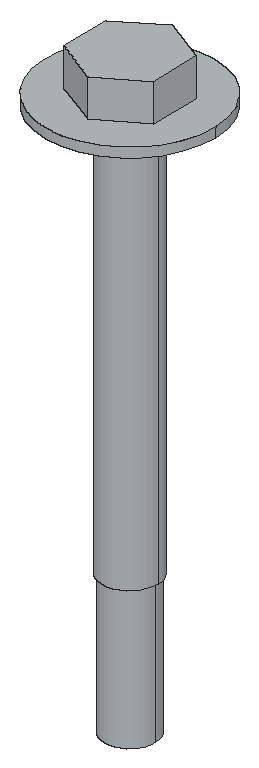
Revit family "Generic ISO Metric Bolt", category Generic Models, Revit 2022
Family settings
  Can host rebar = No
  Round Connector Dimension = Use Diameter
  Part Type = Normal
  Work Plane-Based = Yes
  Always vertical = No
  Cut with Voids When Loaded = No
  Maintain Annotation Orientation = No
  Shared = No
  Room Calculation Point = No
Parameters
  Default Elevation = 1219.2 mm
  URL = "https://www.b-tu.de/en/fg-kommunikationstechnik/team/staff/prof-dr-ing-habil-matthias-wolff"
  Thread Material = GIMBA - Steel galvanized - Thread template
  Shank = yes
  Nominal Diameter = 12 mm
  Material = GIMBA - Steel galvanized
  Length = 120 mm
  Large Washer [instance] = yes
  Manufacturer = "Matthias Wolff"  # constant formula
  Description = "ISO metric bolt with washer and hex cap"  # constant formula
Reference planes
  plane 1 "Mitte (Vorne/hinten)": y = 0
  plane 2: z = 0
  plane 3 "Mitte (Links/rechts)": x = 0
Dimensions and locks
  nested 1 to nested 1 = 120 mm
  nested 1 to nested 1 = 30 mm
  nested 1 to nested 1 = 12 mm
  nested 1 to nested 1 = 19 mm
  aligned and locked: level to plane 2
  aligned and locked: plane 3 "Mitte (Links/rechts)" to nested 1
  aligned and locked: plane 1 "Mitte (Vorne/hinten)" to nested 1
Nested families
  nested 1: "Generic ISO Metric Bolt Assembly Geometry" at (0, 0, 0), type "generic"
Definition of nested family "Generic ISO Metric Bolt Assembly Geometry"
  Parameters (values of type "generic")
    tabD2D = "GIMBA -- D2D"  # constant formula
    pg2l = if(Length < 23 mm, 2, if(Length < 100 mm, 5, 10))  # 10
    cu = round((0.1453 * (D / 1 mm) + 0.3479) * pu) / pu * 1 mm  # 2 mm
    cdu3 = 3 * D + round(0) * 1 mm  # 36 mm
    u = cu  # 2 mm
    cdu2 = round(1.8508 * D / 1 mm + 0.7401) * 1 mm  # 23 mm
    cdu1 = if(D < 11 mm, round(10 * 1.0382 * D / 1 mm + 0.1206) / 10 * 1 mm, D + 1 mm)  # 13 mm
    tabG2L = "GIMBA -- G2L"  # constant formula
    s = size_lookup(tabMGeo, "s", cs, D)  # 19 mm
    ck = round(2 * (0.6216 * D / 1 mm + 0.2961)) / 2 * 1 mm  # 8 mm
    g2l = size_lookup(tabG2L, "l", Length + 2 * u + 2 * k, D, round(Length / 1 mm / pg2l) * pg2l * 1 mm)  # 140 mm
    pu = if(D < 10 mm, 10, if(D < 16 mm, 2, 1))  # 2
    pP = if(D < 6 mm, 10, if(D < 14 mm, 4, 2))  # 4
    cd2 = D - 3 * sqrt(3) / 8 * P  # 10.863 mm
    cb4 = 2 * D + 25 mm + round(0) * 1 mm  # 49 mm
    cb3 = 2 * D + 12 mm + round(0) * 1 mm  # 36 mm
    cb2 = 2 * D + 6 mm + round(0) * 1 mm  # 30 mm
    cb = if(Shank, if(l < 125 mm, cb2, if(l < 200 mm, cb3, cb4)), l - ca)  # 36 mm
    ca = round(2 * (0.7122 * (D / 1 mm) ^ 0.7822)) / 2 * 1 mm  # 5 mm
    Default Elevation = 0 mm
    cP = round(0.2365 * (D / 1 mm) ^ 0.7831 * pP) / pP * 1 mm  # 1.75 mm
    URL = "https://www.b-tu.de/en/fg-kommunikationstechnik/team/staff/prof-dr-ing-habil-matthias-wolff"
    P = size_lookup(tabMGeo, "P", cP, D)  # 1.75 mm
    Large Washers = yes
    Length = 120 mm
    cH = sqrt(3) / 2 * P  # 1.516 mm
    Manufacturer = "Matthias Wolff"  # constant formula
    D = if(Nominal Diameter < 3 mm, 3 mm, if(Nominal Diameter > 64 mm, 64 mm, size_lookup(tabD2D, "D", Nominal Diameter, round(Nominal Diameter / 1 mm) * 1 mm)))  # 12 mm
    ru1 = cdu1 / 2  # 6.5 mm
    R = D / 2 + round(0) * 1 mm  # 6 mm
    tabMGeo = "GIMBA -- MGeo"  # constant formula
    g = Length + round(0) * 1 mm  # 120 mm
    cs = round(1.5095 * D / 1 mm + 0.6456) * 1 mm  # 19 mm
    Grip = yes
    Thread Material = none
    Material = none
    l = if(Grip, g2l, Length)  # 140 mm
    r2 = cd2 / 2  # 5.432 mm
    k = size_lookup(tabMGeo, "k", ck, D)  # 8 mm
    ru2 = if(Large Washers, cdu3 / 2, cdu2 / 2)  # 18 mm
    Shank = yes
    Description = "Geometry of an ISO metric bolt assembly with washers and hex cap and nut"  # constant formula
    Nominal Diameter = 12 mm
  Reference planes
    plane 1 "Mitte (Vorne/hinten)": y = 0
    plane 2 "Reference plane": z = 0
    plane 3 "Mitte (Links/rechts)": x = 0
    plane 4 "Head bottom": z = 2
    plane 5 "Head top": z = 10
    plane 6 "Lower washer top": z = -120
    plane 7 "Nut top": z = -122
    plane 8 "Nut bottom": z = -130
    plane 9 "Bolt bottom": z = -138
    plane 10 "Shank end": z = -102
    plane 11 "ru1": x = 6.5
    plane 12 "ru2": x = 18
    plane 13 "R": x = 6
    plane 14 "r2": x = 5.432
    plane 15 "Simplified bolt end": z = -138
  Forms (mm)
    Sweep 1, solid, material <- "Material", detail levels medium+fine
      path origin (0, 0, 0) x (1, 0, 0) y (0, 0, 1)
        loop
          line (0, 2) -> (0, 10)
      profile "Hexagonal Profile : generic" origin (0, 0, 6) x (-1, 0, 0) y (0, -1, 0)
        loop
          line (-9.5, 5.485) -> (-9.5, -5.485) -> (0, -10.97) -> (9.5, -5.485) -> (9.5, 5.485) -> (0, 10.97) -> (-9.5, 5.485)
    Sweep 2, solid, material <- "Material", visible <- "Grip", detail levels medium+fine
      path origin (0, 0, -109.5) x (1, 0, 0) y (0, 0, 1)
        loop
          line (0, -20.5) -> (0, -12.5)
      profile "Hexagonal Profile : generic" origin (0, 0, -126) x (-1, 0, 0) y (0, -1, 0)
        loop
          line (-9.5, 5.485) -> (-9.5, -5.485) -> (0, -10.97) -> (9.5, -5.485) -> (9.5, 5.485) -> (0, 10.97) -> (-9.5, 5.485)
    Extrusion 3, void
      sketch origin (0, 0, 0) x (1, 0, 0) y (0, 1, 0)
        loop
          circle (0, 0) r 5.432
      from -130 to -122
    Extrusion 4, solid, material <- "Material", detail levels medium+fine
      sketch origin (0, 0, 0) x (1, 0, 0) y (0, 1, 0)
        loop
          circle (0, 0) r 18
        loop
          circle (0, 0) r 6.5
      from 0 to 2
    Extrusion 5, solid, material <- "Material", visible <- "Grip", detail levels medium+fine
      sketch origin (0, 0, 0) x (1, 0, 0) y (0, 1, 0)
        loop
          circle (0, 0) r 18
        loop
          circle (0, 0) r 6.5
      from -122 to -120
    Extrusion 6, solid, material <- "Material", detail levels fine
      sketch origin (0, 0, 0) x (1, 0, 0) y (0, 1, 0)
        loop
          circle (0, 0) r 6
      from -102 to 2
    Extrusion 7, solid, material <- "Thread Material", detail levels fine
      sketch origin (0, 0, 0) x (1, 0, 0) y (0, 1, 0)
        loop
          circle (0, 0) r 5.432
      from -138 to -102
    Extrusion 8, solid, material <- "Material", visible <- "Grip", detail levels medium
      sketch origin (0, 0, 0) x (1, 0, 0) y (0, 1, 0)
        loop
          circle (0, 0) r 5.432
      from -138 to -120
  Cuts and joins
    Extrusion 3 cuts Sweep 1
    Extrusion 3 cuts Sweep 2
  Dimensions and locks
    "u": plane 4 "Head bottom" to plane 2 "Reference plane"
    "k": plane 5 "Head top" to plane 4 "Head bottom"
    "g": plane 2 "Reference plane" to plane 6 "Lower washer top"
    "u": plane 6 "Lower washer top" to plane 7 "Nut top"
    "k": plane 7 "Nut top" to plane 8 "Nut bottom"
    "l": plane 4 "Head bottom" to plane 9 "Bolt bottom"
    "cb": plane 10 "Shank end" to plane 9 "Bolt bottom"
    "ru1": plane 11 "ru1" to plane 3 "Mitte (Links/rechts)"
    "ru2": plane 12 "ru2" to plane 3 "Mitte (Links/rechts)"
    "R": plane 13 "R" to plane 3 "Mitte (Links/rechts)"
    "r2": plane 14 "r2" to plane 3 "Mitte (Links/rechts)"
    "k": plane 8 "Nut bottom" to plane 15 "Simplified bolt end"
    "r2": radius of Extrusion 3 sketch curve
    "ru2": radius of Extrusion 4 sketch curve
    "ru1": radius of Extrusion 4 sketch curve
    "ru2": radius of Extrusion 5 sketch curve
    "ru1": radius of Extrusion 5 sketch curve
    "R": radius of Extrusion 6 sketch curve
    "r2": radius of Extrusion 7 sketch curve
    "r2": radius of Extrusion 8 sketch curve
    aligned and locked: plane 3 "Mitte (Links/rechts)" to Sweep 1 sketch curve
    aligned and locked: plane 5 "Head top" to Sweep 1 sketch curve
    aligned and locked: plane 3 "Mitte (Links/rechts)" to Extrusion 3 sketch curve
    aligned and locked: plane 1 "Mitte (Vorne/hinten)" to Extrusion 3 sketch curve
    aligned and locked: Extrusion 3 to plane 8 "Nut bottom"
    aligned and locked: plane 7 "Nut top" to Extrusion 3
    aligned and locked: plane 7 "Nut top" to cut or joined group of Sweep 2, Extrusion 3
    aligned and locked: plane 8 "Nut bottom" to Sweep 2 sketch curve
    aligned and locked: plane 4 "Head bottom" to cut or joined group of Sweep 1, Extrusion 3
    aligned and locked: plane 5 "Head top" to cut or joined group of Sweep 1, Extrusion 3
    aligned and locked: plane 8 "Nut bottom" to cut or joined group of Sweep 2, Extrusion 3
    aligned and locked: level to plane 2 "Reference plane"
    aligned and locked: plane 3 "Mitte (Links/rechts)" to Extrusion 4 sketch curve  (x2)
    aligned and locked: plane 1 "Mitte (Vorne/hinten)" to Extrusion 4 sketch curve  (x2)
    aligned and locked: plane 4 "Head bottom" to Extrusion 4
    aligned and locked: Extrusion 4 to plane 2 "Reference plane"
    aligned and locked: plane 3 "Mitte (Links/rechts)" to Extrusion 5 sketch curve  (x2)
    aligned and locked: plane 1 "Mitte (Vorne/hinten)" to Extrusion 5 sketch curve  (x2)
    aligned and locked: plane 6 "Lower washer top" to Extrusion 5
    aligned and locked: Extrusion 5 to plane 7 "Nut top"
    aligned and locked: plane 1 "Mitte (Vorne/hinten)" to Extrusion 6 sketch curve
    aligned and locked: plane 3 "Mitte (Links/rechts)" to Extrusion 6 sketch curve
    aligned and locked: plane 4 "Head bottom" to Extrusion 6
    aligned and locked: Extrusion 6 to plane 10 "Shank end"
    aligned and locked: plane 3 "Mitte (Links/rechts)" to Extrusion 7 sketch curve
    aligned and locked: plane 1 "Mitte (Vorne/hinten)" to Extrusion 7 sketch curve
    aligned and locked: plane 10 "Shank end" to Extrusion 7
    aligned and locked: Extrusion 7 to plane 9 "Bolt bottom"
    aligned and locked: plane 1 "Mitte (Vorne/hinten)" to Extrusion 8 sketch curve
    aligned and locked: Extrusion 8 to plane 15 "Simplified bolt end"
    aligned and locked: plane 6 "Lower washer top" to Extrusion 8
  Automatic sketch dimensions
    Sweep 1 sketch curve to plane 4 "Head bottom" = 0 mm
    Sweep 2 sketch curve to plane 3 "Mitte (Links/rechts)" = 0 mm
    Sweep 2 sketch curve to plane 7 "Nut top" = 0 mm
    Extrusion 8 sketch curve to plane 3 "Mitte (Links/rechts)" = 0 mm
